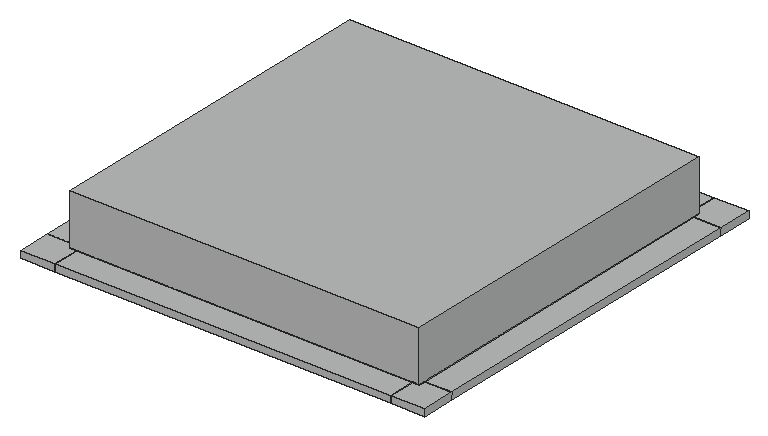
Revit family "ALUMOGIPS", category Осветительные приборы, Revit 2019 (continued)
Types (72, lengths in mm): name | Файл фотометрической сетки | built-in parameter 1150105 | Lumens | built-in parameter 1150106 | built-in parameter 1150142 | Wattage | Emit from Rectangle Width | Emit from Rectangle Length | Длина | Материал светильника | Ширина | ADSK_Ток | ADSK_Полная мощность | ADSK_Обозначение | ADSK_Номинальная мощность | ADSK_Наименование | ADSK_Масса | ADSK_Код изделия
  Alumogips-76/opal-sand 595х1195 (IP40, 4000К, белый) | "Светильник ALUMOGIPS-76 OPAL-SAND-(595x1195).IES" | 604.79 (stored number, unit not read) | 7600 lm | 6.0479 (stored number, unit not read) | "IESNA:LM-63-95\r\n[TEST] Протокол № 9 \r\n[DATA]17.06.2016\r\n[MORE] \r\n[MANUFAC] ЗАО \"Центрстройсвет\"\r\n[LUMCAT]  Светильник CSVT ALUMOGIPS 76/OPAL-SAND-(595x1195)\r\n[LUMINAIRE]\r\n[LAMPCAT] Светодиоды\r\n[LAMP] Поток источника света (светодиодов) не известен\r\n[MORE] КСС приведена в абсолютных величинах кд\r\n[MORE] Вместо потока лампы, указан поток светильника.\r\nTILT=NONE\r\n1    7550 1.0 37 73 1 2 0.595 1.195 0.04\r\n1.0 1.0 74.9\r\n0.0 5.0 10.0 15.0 20.0 25.0 30.0 35.0 40.0 45.0 50.0 55.0 60.0 65.0 70.0 75.0 80.0 85.0 90.0 95.0 100.0 105.0 110.0 115.0 120.0 125.0 130.0 135.0 140.0 145.0 150.0 155.0 160.0 165.0 170.0 175.0 180.0\r\n0.0 5.0 10.0 15.0 20.0 25.0 30.0 35.0 40.0 45.0 50.0 55.0 60.0 65.0 70.0 75.0 80.0 85.0 90.0 95.0 100.0 105.0 110.0 115.0 120.0 125.0 130.0 135.0 140.0 145.0 150.0 155.0 160.0 165.0 170.0 175.0 180.0 185.0 190.0 195.0 200.0 205.0 210.0 215.0 220.0 225.0 230.0 235.0 240.0 245.0 250.0 255.0 260.0 265.0 270.0 275.0 280.0 285.0 290.0 295.0 300.0 305.0 310.0 315.0 320.0 325.0 330.0 335.0 340.0 345.0 350.0 355.0 360.0\r\n2801.4 2785.1 2737.6 2663.2 2562.0 2429.4 2290.6 2118.8 1925.9 1735.4 1535.0 1324.4 1112.9 901.8 690.7 489.4 303.1 133.0 17.7 0.1 0.0 0.0 0.0 0.0 0.0 0.0 0.0 0.0 0.0 0.0 0.1 0.0 0.0 0.0 0.0 0.0 0.0\r\n2801.4 2783.6 2740.4 2670.6 2563.2 2433.9 2284.8 2117.8 1931.7 1740.0 1531.7 1320.8 1111.8 900.3 688.8 487.1 302.0 131.8 17.4 0.1 0.0 0.0 0.0 0.0 0.0 0.0 0.0 0.0 0.0 0.1 0.2 0.0 0.0 0.0 0.0 0.0 0.0\r\n2801.4 2783.8 2740.1 2669.6 2559.8 2437.9 2282.9 2111.9 1930.5 1728.9 1531.4 1321.6 1111.6 899.1 686.0 486.5 299.7 131.3 16.8 0.0 0.0 0.0 0.0 0.0 0.0 0.0 0.0 0.0 0.0 0.2 0.2 0.0 0.0 0.0 0.0 0.0 0.0\r\n2801.4 2785.7 2740.9 2666.1 2563.1 2439.1 2281.6 2114.8 1927.2 1733.6 1527.4 1319.2 1106.4 894.2 684.5 484.4 297.8 130.0 15.9 0.0 0.0 0.0 0.0 0.0 0.0 0.0 0.0 0.0 0.0 0.2 0.2 0.0 0.0 0.0 0.0 0.0 0.0\r\n2801.4 2787.7 2735.0 2667.8 2565.9 2434.8 2279.5 2114.9 1929.7 1734.5 1529.4 1317.9 1103.8 893.2 684.3 483.2 295.6 129.2 15.3 0.0 0.0 0.0 0.0 0.0 0.0 0.0 0.0 0.0 0.0 0.2 0.3 0.0 0.0 0.0 0.0 0.0 0.0\r\n2801.4 2788.1 2737.0 2667.9 2568.6 2430.9 2285.5 2111.7 1926.2 1727.4 1528.1 1317.9 1105.0 892.3 683.4 483.3 294.5 128.2 14.9 0.0 0.0 0.0 0.0 0.0 0.0 0.0 0.0 0.0 0.0 0.2 0.3 0.0 0.0 0.0 0.0 0.0 0.0\r\n2801.4 2787.4 2739.0 2670.1 2564.0 2433.7 2278.9 2109.0 1926.1 1733.9 1524.6 1315.4 1104.0 890.7 681.8 479.4 293.8 128.0 14.6 0.0 0.0 0.0 0.0 0.0 0.0 0.0 0.0 0.0 0.0 0.1 0.3 0.1 0.0 0.0 0.0 0.0 0.0\r\n2801.4 2786.3 2739.7 2669.4 2557.4 2432.8 2277.6 2111.7 1931.1 1727.3 1525.2 1315.1 1102.2 889.6 681.4 479.6 291.8 127.8 14.2 0.0 0.0 0.0 0.0 0.0 0.0 0.0 0.0 0.0 0.0 0.1 0.3 0.2 0.0 0.0 0.0 0.0 0.0\r\n2801.4 2785.3 2742.5 2668.2 2563.1 2432.7 2280.9 2112.8 1924.8 1728.9 1524.9 1314.9 1101.8 890.7 677.5 480.9 291.0 127.5 13.7 0.0 0.0 0.0 0.0 0.0 0.0 0.0 0.0 0.0 0.0 0.0 0.3 0.2 0.0 0.0 0.0 0.0 0.0\r\n2801.4 2784.5 2742.4 2670.1 2562.6 2435.3 2283.6 2107.5 1924.8 1723.4 1524.0 1312.7 1101.8 886.6 680.9 477.5 290.9 127.4 13.2 0.0 0.0 0.0 0.0 0.0 0.0 0.0 0.0 0.0 0.0 0.0 0.2 0.2 0.0 0.0 0.0 0.0 0.0\r\n2801.4 2783.5 2743.9 2664.8 2565.6 2437.3 2287.2 2105.1 1922.5 1726.2 1522.2 1313.8 1100.7 888.5 679.6 476.6 290.4 127.0 12.5 0.0 0.0 0.0 0.0 0.0 0.0 0.0 0.0 0.0 0.0 0.0 0.2 0.3 0.0 0.0 0.0 0.0 0.0\r\n2801.4 2782.7 2742.5 2665.0 2564.3 2440.9 2278.7 2108.3 1920.9 1727.3 1521.8 1311.4 1099.6 888.9 677.4 478.3 289.0 127.4 12.0 0.0 0.0 0.0 0.0 0.0 0.0 0.0 0.0 0.0 0.0 0.0 0.2 0.4 0.0 0.0 0.0 0.0 0.0\r\n2801.4 2783.4 2743.4 2670.1 2565.6 2440.4 2281.8 2110.3 1923.2 1725.4 1520.9 1312.2 1097.8 887.1 679.8 476.2 289.6 126.5 11.0 0.0 0.0 0.0 0.0 0.0 0.0 0.0 0.0 0.0 0.0 0.0 0.2 0.5 0.0 0.0 0.0 0.0 0.0\r\n2801.4 2785.1 2742.5 2669.7 2568.0 2432.5 2279.3 2107.4 1924.9 1724.7 1522.4 1312.9 1100.4 886.8 678.4 476.6 291.0 125.4 10.2 0.0 0.0 0.0 0.0 0.0 0.0 0.0 0.0 0.0 0.0 0.0 0.2 0.5 0.0 0.0 0.0 0.0 0.0\r\n2801.4 2786.5 2740.0 2669.5 2575.5 2435.6 2280.3 2108.8 1922.7 1724.0 1526.1 1310.2 1095.3 887.4 677.8 477.5 287.8 127.4 10.0 0.0 0.0 0.0 0.0 0.0 0.0 0.0 0.0 0.0 0.0 0.0 0.2 0.6 0.0 0.0 0.0 0.0 0.0\r\n2801.4 2786.7 2740.5 2670.6 2573.0 2438.9 2275.4 2107.1 1917.0 1722.5 1517.4 1310.8 1097.8 887.0 678.6 476.7 287.7 127.4 9.4 0.0 0.0 0.0 0.0 0.0 0.0 0.0 0.0 0.0 0.0 0.0 0.1 0.7 0.0 0.0 0.0 0.0 0.0\r\n2801.4 2786.2 2741.4 2673.1 2574.2 2432.8 2279.2 2101.4 1922.2 1719.6 1519.1 1310.3 1098.5 884.9 676.9 471.5 290.5 126.8 9.3 0.0 0.0 0.0 0.0 0.0 0.0 0.0 0.0 0.0 0.0 0.0 0.1 0.7 0.0 0.0 0.0 0.0 0.0\r\n2801.4 2786.0 2743.7 2673.4 2579.7 2439.7 2280.3 2110.3 1920.8 1719.9 1524.4 1312.9 1099.7 886.3 677.8 474.8 288.9 127.4 9.7 0.0 0.0 0.0 0.0 0.0 0.0 0.0 0.0 0.0 0.0 0.0 0.1 0.8 0.0 0.0 0.0 0.0 0.0\r\n2801.4 2786.3 2742.9 2669.8 2577.9 2439.3 2277.0 2103.8 1922.6 1726.9 1519.1 1310.8 1097.5 886.4 677.5 472.8 288.8 128.0 9.4 0.0 0.0 0.0 0.0 0.0 0.0 0.0 0.0 0.0 0.0 0.0 0.1 0.8 0.0 0.0 0.0 0.0 0.0\r\n2801.4 2786.2 2743.1 2670.4 2578.2 2440.7 2276.9 2105.5 1923.0 1727.2 1519.6 1311.1 1096.4 886.5 676.9 471.9 288.6 128.0 9.3 0.0 0.0 0.0 0.0 0.0 0.0 0.0 0.0 0.0 0.0 0.0 0.1 0.8 0.0 0.0 0.0 0.0 0.0\r\n2801.4 2786.0 2743.4 2673.6 2579.2 2437.4 2278.9 2108.3 1921.0 1720.5 1524.2 1312.9 1099.5 886.0 678.5 475.2 288.9 127.7 9.7 0.0 0.0 0.0 0.0 0.0 0.0 0.0 0.0 0.0 0.0 0.0 0.1 0.7 0.0 0.0 0.0 0.0 0.0\r\n2801.4 2786.3 2741.0 2672.8 2573.1 2434.3 2279.9 2101.6 1921.5 1719.9 1519.4 1310.8 1098.8 884.7 676.7 472.2 290.2 126.2 9.4 0.0 0.0 0.0 0.0 0.0 0.0 0.0 0.0 0.0 0.0 0.0 0.1 0.7 0.0 0.0 0.0 0.0 0.0\r\n2801.4 2786.8 2740.4 2670.1 2573.6 2438.3 2275.9 2107.2 1916.7 1721.4 1517.2 1309.7 1098.4 887.4 678.7 476.2 288.5 127.3 9.4 0.0 0.0 0.0 0.0 0.0 0.0 0.0 0.0 0.0 0.0 0.0 0.1 0.6 0.0 0.0 0.0 0.0 0.0\r\n2801.4 2786.3 2740.2 2669.7 2574.4 2436.1 2280.1 2107.9 1924.3 1724.9 1525.9 1311.1 1095.1 886.7 677.5 477.8 288.0 127.4 10.0 0.0 0.0 0.0 0.0 0.0 0.0 0.0 0.0 0.0 0.0 0.0 0.2 0.6 0.0 0.0 0.0 0.0 0.0\r\n2801.4 2784.7 2743.1 2669.7 2567.5 2432.5 2279.9 2108.9 1923.1 1724.7 1522.2 1312.8 1100.6 887.2 678.1 477.5 290.2 125.6 10.4 0.0 0.0 0.0 0.0 0.0 0.0 0.0 0.0 0.0 0.0 0.0 0.2 0.5 0.0 0.0 0.0 0.0 0.0\r\n2801.4 2783.2 2743.0 2669.5 2565.0 2440.4 2281.5 2110.2 1924.6 1725.2 1522.4 1312.5 1097.6 887.6 680.6 475.2 290.4 126.5 11.2 0.0 0.0 0.0 0.0 0.0 0.0 0.0 0.0 0.0 0.0 0.0 0.2 0.4 0.0 0.0 0.0 0.0 0.0\r\n2801.4 2782.8 2742.8 2664.4 2564.0 2441.1 2277.9 2108.3 1919.7 1727.4 1521.6 1311.8 1099.5 888.9 677.5 478.6 288.7 127.4 12.1 0.0 0.0 0.0 0.0 0.0 0.0 0.0 0.0 0.0 0.0 0.0 0.2 0.3 0.0 0.0 0.0 0.0 0.0\r\n2801.4 2783.7 2743.7 2665.6 2565.3 2436.1 2288.3 2105.8 1923.1 1725.8 1522.5 1313.8 1101.5 888.8 678.9 476.9 290.5 127.1 12.8 0.0 0.0 0.0 0.0 0.0 0.0 0.0 0.0 0.0 0.0 0.0 0.2 0.2 0.0 0.0 0.0 0.0 0.0\r\n2801.4 2784.7 2742.3 2670.3 2562.8 2435.0 2284.0 2107.7 1924.6 1725.6 1523.4 1312.6 1101.1 886.4 681.5 477.7 291.1 127.3 13.4 0.0 0.0 0.0 0.0 0.0 0.0 0.0 0.0 0.0 0.0 0.0 0.3 0.2 0.0 0.0 0.0 0.0 0.0\r\n2801.4 2785.4 2742.2 2668.2 2562.5 2433.7 2279.9 2112.7 1926.2 1727.8 1524.6 1315.4 1102.1 890.8 677.5 481.1 290.8 127.7 13.8 0.0 0.0 0.0 0.0 0.0 0.0 0.0 0.0 0.0 0.0 0.1 0.3 0.2 0.0 0.0 0.0 0.0 0.0\r\n2801.4 2786.5 2739.3 2669.5 2557.0 2431.0 2277.2 2111.7 1930.1 1727.5 1526.2 1314.4 1102.1 889.6 681.7 479.6 292.4 127.8 14.3 0.0 0.0 0.0 0.0 0.0 0.0 0.0 0.0 0.0 0.0 0.1 0.3 0.1 0.0 0.0 0.0 0.0 0.0\r\n2801.4 2787.6 2738.8 2670.1 2566.8 2433.7 2280.1 2108.4 1926.6 1733.6 1526.4 1317.2 1105.5 890.9 682.2 479.7 293.8 128.0 14.7 0.0 0.0 0.0 0.0 0.0 0.0 0.0 0.0 0.0 0.0 0.1 0.3 0.1 0.0 0.0 0.0 0.0 0.0\r\n2801.4 2788.2 2736.3 2667.5 2567.1 2433.1 2285.2 2112.2 1926.5 1727.4 1526.8 1317.6 1104.6 893.0 683.4 483.8 294.8 128.4 14.9 0.0 0.0 0.0 0.0 0.0 0.0 0.0 0.0 0.0 0.0 0.2 0.3 0.0 0.0 0.0 0.0 0.0 0.0\r\n2801.4 2787.4 2735.7 2667.6 2565.5 2434.1 2279.6 2115.7 1929.9 1735.1 1528.5 1318.3 1103.7 893.8 684.5 483.3 295.8 129.3 15.4 0.0 0.0 0.0 0.0 0.0 0.0 0.0 0.0 0.0 0.0 0.2 0.2 0.0 0.0 0.0 0.0 0.0 0.0\r\n2801.4 2785.3 2741.4 2666.4 2562.5 2438.5 2281.4 2114.5 1927.8 1733.3 1529.6 1318.7 1107.1 894.2 684.8 484.7 298.3 130.2 16.2 0.0 0.0 0.0 0.0 0.0 0.0 0.0 0.0 0.0 0.0 0.2 0.2 0.0 0.0 0.0 0.0 0.0 0.0\r\n2801.4 2783.6 2740.0 2670.2 2560.3 2439.0 2281.8 2112.7 1930.5 1729.7 1531.4 1321.8 1111.6 899.4 686.5 487.0 300.1 131.4 17.0 0.0 0.0 0.0 0.0 0.0 0.0 0.0 0.0 0.0 0.0 0.2 0.2 0.0 0.0 0.0 0.0 0.0 0.0\r\n2801.4 2783.8 2740.1 2669.6 2563.6 2432.3 2286.0 2116.4 1932.0 1740.1 1531.9 1321.8 1112.6 901.0 689.2 487.4 302.2 132.0 17.6 0.1 0.0 0.0 0.0 0.0 0.0 0.0 0.0 0.0 0.0 0.1 0.1 0.0 0.0 0.0 0.0 0.0 0.0\r\n2801.4 2785.5 2737.1 2663.3 2561.8 2431.3 2291.7 2119.0 1926.3 1736.5 1535.0 1324.6 1112.8 901.5 690.9 489.7 303.6 133.1 17.8 0.1 0.0 0.0 0.0 0.0 0.0 0.0 0.0 0.0 0.0 0.0 0.0 0.0 0.0 0.0 0.0 0.0 0.0\r\n2801.4 2786.9 2737.3 2668.9 2562.8 2437.7 2285.9 2119.0 1936.6 1742.8 1535.6 1329.2 1117.7 904.4 692.0 490.7 304.9 134.5 18.0 0.1 0.0 0.0 0.0 0.0 0.0 0.0 0.0 0.0 0.0 0.0 0.0 0.0 0.0 0.0 0.0 0.0 0.0\r\n2801.4 2786.7 2739.2 2663.9 2564.2 2432.7 2285.5 2113.9 1936.0 1744.3 1537.9 1329.1 1118.6 903.3 695.7 492.3 305.8 136.0 18.2 0.1 0.0 0.0 0.0 0.0 0.0 0.0 0.0 0.0 0.1 0.1 0.0 0.0 0.0 0.0 0.0 0.0 0.0\r\n2801.4 2785.5 2737.3 2663.2 2568.9 2440.3 2284.0 2126.7 1933.3 1744.6 1539.5 1333.5 1118.0 906.0 695.8 495.1 307.2 137.4 18.3 0.1 0.0 0.0 0.0 0.0 0.0 0.0 0.0 0.0 0.1 0.1 0.0 0.0 0.0 0.0 0.0 0.0 0.0\r\n2801.4 2785.3 2737.3 2662.9 2556.7 2434.0 2287.7 2125.9 1937.9 1745.2 1542.6 1330.5 1120.7 907.0 698.9 495.4 307.6 138.6 18.4 0.1 0.0 0.0 0.0 0.0 0.0 0.0 0.0 0.0 0.0 0.1 0.0 0.0 0.0 0.0 0.0 0.0 0.0\r\n2801.4 2786.7 2737.3 2664.2 2562.9 2437.7 2287.7 2121.2 1939.3 1740.9 1541.9 1332.0 1124.0 908.1 702.4 497.7 307.1 139.5 18.6 0.0 0.0 0.0 0.0 0.0 0.0 0.0 0.0 0.0 0.0 0.1 0.0 0.0 0.0 0.0 0.0 0.0 0.0\r\n2801.4 2787.5 2735.9 2663.3 2561.5 2436.6 2283.6 2117.2 1939.2 1746.3 1547.1 1338.3 1124.5 911.0 701.3 497.4 308.3 140.6 18.4 0.0 0.0 0.0 0.0 0.0 0.0 0.0 0.0 0.0 0.1 0.1 0.0 0.0 0.0 0.0 0.0 0.0 0.0\r\n2801.4 2786.9 2736.7 2660.5 2562.5 2432.8 2285.7 2118.8 1939.9 1745.3 1546.5 1333.3 1126.2 911.7 701.7 498.6 308.5 140.4 18.3 0.0 0.0 0.0 0.0 0.0 0.0 0.0 0.0 0.0 0.0 0.1 0.0 0.0 0.0 0.0 0.0 0.0 0.0\r\n2801.4 2786.0 2740.0 2662.7 2561.6 2432.7 2285.4 2121.9 1941.7 1747.4 1545.5 1338.8 1126.5 911.1 703.5 499.5 309.2 140.5 18.1 0.0 0.0 0.0 0.0 0.0 0.0 0.0 0.0 0.0 0.0 0.0 0.0 0.0 0.0 0.0 0.0 0.0 0.0\r\n2801.4 2785.3 2740.1 2665.5 2560.9 2431.9 2280.7 2123.2 1944.4 1748.3 1546.5 1337.6 1128.1 912.6 703.2 500.1 308.6 141.7 17.7 0.0 0.0 0.0 0.0 0.0 0.0 0.0 0.0 0.0 0.1 0.0 0.0 0.0 0.0 0.0 0.0 0.0 0.0\r\n2801.4 2785.1 2738.3 2661.5 2554.3 2430.0 2287.1 2124.1 1942.5 1749.7 1550.8 1339.2 1127.5 913.7 702.5 498.5 311.4 141.4 16.8 0.0 0.0 0.0 0.0 0.0 0.0 0.0 0.0 0.1 0.2 0.0 0.0 0.0 0.0 0.0 0.0 0.0 0.0\r\n2801.4 2785.0 2740.3 2660.5 2557.0 2431.7 2284.0 2122.2 1942.5 1753.3 1548.2 1337.3 1128.7 914.1 703.2 500.9 309.3 141.9 16.2 0.0 0.0 0.0 0.0 0.0 0.0 0.0 0.0 0.2 0.2 0.0 0.0 0.0 0.0 0.0 0.0 0.0 0.0\r\n2801.4 2784.6 2737.5 2662.5 2558.0 2426.3 2287.7 2120.1 1942.9 1751.4 1551.8 1339.6 1128.3 914.0 703.1 503.4 308.4 142.2 15.6 0.0 0.0 0.0 0.0 0.0 0.0 0.0 0.0 0.2 0.3 0.0 0.0 0.0 0.0 0.0 0.0 0.0 0.0\r\n2801.4 2784.0 2737.3 2660.7 2555.7 2431.7 2286.2 2123.1 1945.1 1751.7 1549.2 1343.7 1129.3 916.9 706.1 500.5 311.7 143.4 15.2 0.0 0.0 0.0 0.0 0.0 0.0 0.0 0.1 0.2 0.4 0.0 0.0 0.0 0.0 0.0 0.0 0.0 0.0\r\n2801.4 2783.5 2739.6 2659.1 2549.2 2429.8 2289.3 2124.6 1942.0 1751.8 1547.5 1338.7 1129.6 916.1 706.0 502.1 311.0 142.5 15.1 0.0 0.0 0.0 0.0 0.0 0.0 0.0 0.1 0.2 0.4 0.0 0.0 0.0 0.0 0.0 0.0 0.0 0.0\r\n2801.4 2783.5 2738.2 2659.1 2551.1 2429.3 2285.5 2122.0 1945.1 1752.3 1552.7 1345.3 1130.2 916.9 708.9 501.2 310.1 144.3 15.1 0.0 0.0 0.0 0.0 0.0 0.0 0.0 0.1 0.3 0.4 0.0 0.0 0.0 0.0 0.0 0.0 0.0 0.0\r\n2801.4 2784.2 2738.8 2660.6 2548.9 2425.4 2284.7 2124.8 1944.3 1749.7 1549.0 1340.8 1132.0 920.4 709.2 500.6 312.3 145.6 14.8 0.0 0.0 0.0 0.0 0.0 0.0 0.0 0.2 0.3 0.4 0.0 0.0 0.0 0.0 0.0 0.0 0.0 0.0\r\n2801.4 2785.1 2739.0 2658.3 2548.0 2430.3 2287.7 2128.7 1944.8 1755.6 1552.9 1344.8 1127.7 918.2 708.1 501.1 310.9 143.6 14.3 0.0 0.0 0.0 0.0 0.0 0.0 0.0 0.2 0.2 0.4 0.0 0.0 0.0 0.0 0.0 0.0 0.0 0.0\r\n2801.4 2785.0 2739.0 2659.4 2548.6 2430.6 2288.4 2129.0 1946.0 1755.7 1553.6 1344.8 1125.6 916.3 706.8 500.7 309.9 143.0 14.3 0.0 0.0 0.0 0.0 0.0 0.0 0.0 0.2 0.2 0.4 0.0 0.0 0.0 0.0 0.0 0.0 0.0 0.0\r\n2801.4 2784.1 2738.5 2660.1 2548.7 2426.1 2284.6 2124.3 1944.6 1750.2 1548.5 1341.2 1132.9 920.6 709.6 500.8 312.6 145.6 14.8 0.0 0.0 0.0 0.0 0.0 0.0 0.0 0.2 0.3 0.4 0.0 0.0 0.0 0.0 0.0 0.0 0.0 0.0\r\n2801.4 2783.5 2738.5 2659.2 2551.9 2429.0 2285.2 2123.1 1944.2 1752.7 1554.1 1344.7 1129.6 917.7 709.3 501.3 310.2 144.4 14.9 0.0 0.0 0.0 0.0 0.0 0.0 0.0 0.1 0.3 0.4 0.0 0.0 0.0 0.0 0.0 0.0 0.0 0.0\r\n2801.4 2783.5 2739.5 2659.3 2548.8 2429.7 2289.5 2124.0 1941.5 1750.2 1546.8 1338.9 1130.1 915.3 705.9 502.4 309.9 142.5 15.3 0.0 0.0 0.0 0.0 0.0 0.0 0.0 0.1 0.2 0.4 0.0 0.0 0.0 0.0 0.0 0.0 0.0 0.0\r\n2801.4 2784.1 2736.6 2661.3 2556.7 2431.5 2285.9 2122.0 1945.8 1752.1 1549.3 1343.5 1129.1 916.9 705.5 500.2 312.6 142.8 15.3 0.0 0.0 0.0 0.0 0.0 0.0 0.0 0.0 0.2 0.4 0.0 0.0 0.0 0.0 0.0 0.0 0.0 0.0\r\n2801.4 2784.7 2738.2 2662.1 2558.6 2427.2 2287.5 2120.9 1941.9 1750.0 1550.5 1339.6 1127.8 914.1 703.8 502.7 308.6 142.3 15.6 0.0 0.0 0.0 0.0 0.0 0.0 0.0 0.0 0.2 0.2 0.0 0.0 0.0 0.0 0.0 0.0 0.0 0.0\r\n2801.4 2785.0 2740.0 2660.6 2556.4 2430.7 2282.5 2122.9 1942.2 1754.8 1549.0 1337.6 1128.6 914.4 701.8 501.3 309.2 141.9 16.3 0.0 0.0 0.0 0.0 0.0 0.0 0.0 0.0 0.1 0.2 0.0 0.0 0.0 0.0 0.0 0.0 0.0 0.0\r\n2801.4 2785.1 2738.3 2661.9 2554.4 2431.0 2289.2 2123.3 1943.9 1748.6 1550.3 1339.2 1127.2 913.4 702.6 498.5 311.2 141.1 17.0 0.0 0.0 0.0 0.0 0.0 0.0 0.0 0.0 0.1 0.2 0.0 0.0 0.0 0.0 0.0 0.0 0.0 0.0\r\n2801.4 2785.4 2740.5 2665.8 2562.2 2431.4 2279.8 2124.1 1942.8 1748.1 1547.0 1337.3 1128.6 912.0 703.8 498.9 308.4 141.7 17.7 0.0 0.0 0.0 0.0 0.0 0.0 0.0 0.0 0.0 0.1 0.0 0.0 0.0 0.0 0.0 0.0 0.0 0.0\r\n2801.4 2786.1 2739.5 2661.5 2562.2 2433.4 2285.9 2120.6 1941.9 1748.4 1543.7 1338.3 1125.8 911.4 701.9 500.5 309.1 140.4 18.2 0.0 0.0 0.0 0.0 0.0 0.0 0.0 0.0 0.0 0.0 0.0 0.0 0.0 0.0 0.0 0.0 0.0 0.0\r\n2801.4 2787.1 2736.2 2661.1 2560.8 2433.8 2284.0 2117.5 1940.0 1745.1 1547.1 1333.3 1125.8 911.1 702.0 498.1 308.3 140.4 18.3 0.0 0.0 0.0 0.0 0.0 0.0 0.0 0.0 0.0 0.1 0.1 0.0 0.0 0.0 0.0 0.0 0.0 0.0\r\n2801.4 2787.5 2736.1 2663.6 2563.1 2435.4 2286.8 2118.9 1937.6 1745.6 1546.6 1337.6 1124.9 911.1 701.8 497.2 308.0 140.5 18.5 0.0 0.0 0.0 0.0 0.0 0.0 0.0 0.0 0.0 0.1 0.1 0.0 0.0 0.0 0.0 0.0 0.0 0.0\r\n2801.4 2786.4 2737.4 2664.5 2561.6 2437.6 2286.9 2120.4 1940.7 1741.5 1541.1 1331.6 1123.8 907.4 701.2 497.3 307.1 139.3 18.6 0.0 0.0 0.0 0.0 0.0 0.0 0.0 0.0 0.0 0.0 0.1 0.0 0.0 0.0 0.0 0.0 0.0 0.0\r\n2801.4 2785.2 2737.3 2662.3 2558.2 2435.6 2286.1 2124.6 1937.9 1744.7 1543.5 1330.0 1120.0 906.2 698.7 495.4 307.5 138.5 18.4 0.1 0.0 0.0 0.0 0.0 0.0 0.0 0.0 0.0 0.0 0.1 0.0 0.0 0.0 0.0 0.0 0.0 0.0\r\n2801.4 2785.6 2737.6 2663.6 2569.0 2439.1 2285.2 2127.4 1933.6 1743.5 1538.8 1334.1 1117.6 906.5 695.9 494.5 307.0 137.1 18.3 0.1 0.0 0.0 0.0 0.0 0.0 0.0 0.0 0.0 0.1 0.1 0.0 0.0 0.0 0.0 0.0 0.0 0.0\r\n2801.4 2786.9 2739.1 2664.5 2563.5 2433.2 2284.7 2114.5 1934.4 1744.1 1538.1 1328.4 1118.8 902.8 695.1 492.0 305.7 135.6 18.2 0.1 0.0 0.0 0.0 0.0 0.0 0.0 0.0 0.0 0.1 0.1 0.0 0.0 0.0 0.0 0.0 0.0 0.0\r\n2801.4 2786.8 2737.0 2668.8 2562.8 2437.8 2286.5 2117.8 1937.3 1743.3 1534.3 1328.6 1116.9 903.7 691.6 490.4 304.7 134.2 17.9 0.1 0.0 0.0 0.0 0.0 0.0 0.0 0.0 0.0 0.0 0.0 0.0 0.0 0.0 0.0 0.0 0.0 0.0\r\n2801.4 2785.1 2737.6 2663.2 2562.0 2429.4 2290.6 2118.8 1925.9 1735.4 1535.0 1324.4 1112.9 901.8 690.7 489.4 303.1 133.0 17.7 0.1 0.0 0.0 0.0 0.0 0.0 0.0 0.0 0.0 0.0 0.0 0.1 0.0 0.0 0.0 0.0 0.0 0.0\r\n" | 51.164 W | 575 | 
    1175 | 1195 | RAL 9001 | 595 | 0.359168 A | 82.6087 VA | "Alumogips-76/opal-sand 595х1195 (IP40, 4000К, белый)" | 76 W | "Встраиваемый светодиодный светильник Alumogips-76/opal-sand 595х1195 (IP40, 4000К, белый)" | 5 | "ЦБ000007359"
